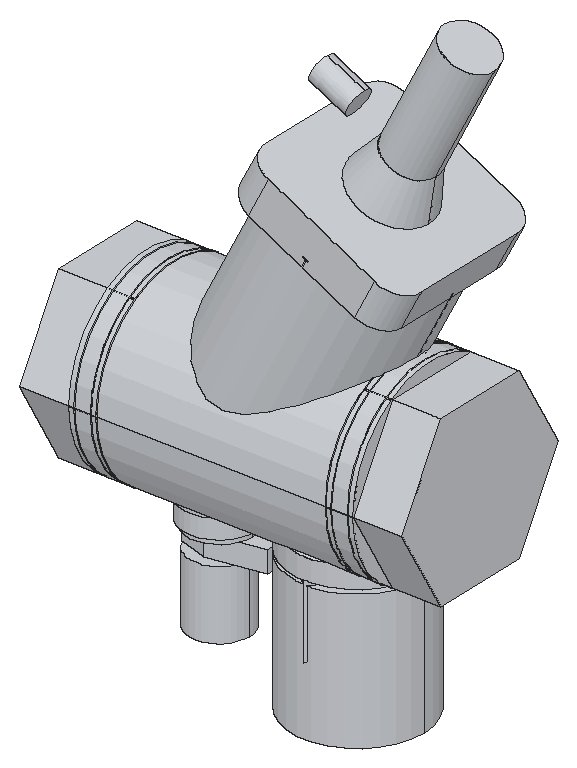
Revit family "PV_Compact_DN050_ 20-80_FF_měř-vyp_RFA_2019", category Pipe Accessories, Revit 2019
Family settings
  Round Connector Dimension = Use Diameter
  Part Type = Valve - Breaks Into
  Work Plane-Based = No
  Always vertical = Yes
  Cut with Voids When Loaded = No
  Shared = No
Parameters (values of type "PV Compact DN50 FF s měřením a vypouštěním (20-80kPa)")
  magiProductId = "7572286e99104aaeaae4a504f9a6dd"
  magiProductFamilyId = "88c57951ecb64b5d83dd1d4eb8fc72"
  magiPartTypeId = 304
  isMeasuringValve [instance] = no
  ang2D [instance] = 0.00°
  Z7 = 15 mm
  Z6 = 46.8 mm
  Z5 = 109.2 mm
  Z4 = 93.6 mm
  Z3 = 15.6 mm
  Z2 = 78 mm
  XR3 = 42.5 mm
  XR2 = 37.5 mm
  XR1 = 25.5 mm
  W2D = 15 mm
  VersionID = "2.0/2018.12.13.2/FRESE_PV_COMPACT_PLUG_Q13_001"
  Use Minimum Symbol Size [instance] = no
  URL = "www.hydronic.cz"
  Type Comments = "závitový s vnitřním závitem; s měřicí vsuvkou a vypouštěním; PN25; dpmax=450kPa; -10~+120°C"
  R5 = 5 mm
  R4 = 15 mm
  R3 = 10 mm
  R2 = 35.25 mm
  R1 = 31.5 mm
  QmdConnectorList = "301;D;302;D"
  Productdata [instance] = ""
  PH__ve = -PH  # -26.4 mm
  PH = 26.4 mm
  NL__ve = -NL  # -27.6 mm
  NL = 27.6 mm
  Manufacturer = "Hydronic Systems Prague s.r.o."
  MC Use Limits From Balancing Method = no
  MC Throttling Minimum Value = 0
  MC Throttling Maximum Value = 0
  MC Product Code = "53-3250 DN50; FF; nastavitelný rozsah dp=20~80kPa; Q=5000~11500l/h;  kvs=16,2"
  MC Pressure Drop Minimum Value = 0.0 Pa
  MC Pressure Drop Maximum Value = 0.0 Pa
  MC Piping Given Pressure Drop [instance] = 0.0 Pa
  M5 = 51.4 mm
  M4 = 49.4 mm
  M3 = 43.4 mm
  M2 = 41.4 mm
  LP = 69 mm
  LM = 82.8 mm
  LL__ve = -LL  # -7.7 mm
  LLT__ve = -LLT  # -28.9 mm
  LLT = 28.9 mm
  LL2 = 52 mm
  LL = 7.7 mm
  L3 = 25 mm
  L2D_Min = 30.48 mm
  L2D = 65 mm
  Description = "Nastavitelný regulátor tlakové diference"
  DR1 = yes
  DR0 = no
  DL2 = 86 mm
  D = 50 mm
  CenSd_R2_6 = R2 * cos(30.00°)  # 30.527 mm
  CAT0 = yes
  C0D1 = yes
  C0D0 = no
Types (10, lengths in mm): name | magiProductId | Z6 | Z5 | Z4 | Z3 | Z2 | XR3 | XR2 | XR1 | R2 | R1 | PH__ve | PH | NL__ve | NL | MC Product Code | M5 | M4 | M3 | M2 | LP | LM | LL__ve | LLT__ve | LLT | LL2 | LL | L3 | DL2 | D | CenSd_R2_6
  PV Compact DN15 FF s měřením a vypouštěním (20-60kPa) | "ebd4dd38c61a47e78db1b31e427098" | 24.6 | 57.4 | 49.2 | 8.2 | 41 | 30 | 25 | 13 | 14 | 19 | -22.4 | 22.4 | -15 | 15 | "53-3243 DN15; FF; nastavitelný rozsah dp=20~60kPa; Q=100~1000l/h;  kvs=2,9" | 32.5 | 30.5 | 24.5 | 22.5 | 37.5 | 45 | -5.7 | -14.9 | 14.9 | 32 | 5.7 | 11 | 66 | 15 | 12.124
  PV Compact DN15 FF s měřením a vypouštěním ( 5-30kPa) | "1e13aaf8f1b54965adca1ab26bd771" | 24.6 | 57.4 | 49.2 | 8.2 | 41 | 30 | 25 | 13 | 14 | 19 | -22.4 | 22.4 | -15 | 15 | "53-3242 DN15; FF; nastavitelný rozsah dp=5~30kPa; Q=50~600l/h;  kvs=2,9" | 32.5 | 30.5 | 24.5 | 22.5 | 37.5 | 45 | -5.7 | -14.9 | 14.9 | 32 | 5.7 | 11 | 66 | 15 | 12.124
  PV Compact DN20 FF s měřením a vypouštěním (20-60kPa) | "6d4e29c475624129ae1d8630218e83" | 24.6 | 57.4 | 49.2 | 8.2 | 41 | 30 | 25 | 13 | 14 | 19 | -22.4 | 22.4 | -15.8 | 15.8 | "53-3245 DN20; FF; nastavitelný rozsah dp=20~60kPa; Q=150~2000l/h;  kvs=3,5" | 33.7 | 31.7 | 25.7 | 23.7 | 39.5 | 47.4 | -5.7 | -14.9 | 14.9 | 32 | 5.7 | 11 | 66 | 20 | 12.124
  PV Compact DN20 FF s měřením a vypouštěním ( 5-30kPa) | "3c7d936801344d2a9486b3d5f20c15" | 24.6 | 57.4 | 49.2 | 8.2 | 41 | 30 | 25 | 13 | 14 | 19 | -22.4 | 22.4 | -15.8 | 15.8 | "53-3244 DN20; FF; nastavitelný rozsah dp=5~30kPa; Q=100~1000l/h;  kvs=3,5" | 33.7 | 31.7 | 25.7 | 23.7 | 39.5 | 47.4 | -5.7 | -14.9 | 14.9 | 32 | 5.7 | 11 | 66 | 20 | 12.124
  PV Compact DN25 FF s měřením a vypouštěním ( 5-30kPa) | "40b783a088714ff8af367f7ba18a04" | 25.5 | 59.5 | 51 | 8.5 | 42.5 | 30 | 25 | 13 | 14 | 19 | -22.8 | 22.8 | -16.6 | 16.6 | "53-3251 DN25; FF; nastavitelný rozsah dp=5~30kPa; Q=600~2100l/h;  kvs=4,0" | 34.9 | 32.9 | 26.9 | 24.9 | 41.5 | 49.8 | -5.9 | -16.3 | 16.3 | 34 | 5.9 | 11 | 68 | 25 | 12.124
  PV Compact DN25L FF s měřením a vypouštěním (20-80kPa) | "7052257d0cc94620b8f60c4ac85ccd" | 40.2 | 93.8 | 80.4 | 13.4 | 67 | 42.5 | 37.5 | 25.5 | 26.5 | 31.5 | -23.6 | 23.6 | -20 | 20 | "53-3247 DN25; FF; nastavitelný rozsah dp=20~80kPa; Q=750~4200l/h;  kvs=8,7" | 40 | 38 | 32 | 30 | 50 | 60 | -6.3 | -19.1 | 19.1 | 38 | 6.3 | 11 | 72 | 25 | 22.95
  PV Compact DN25L FF s měřením a vypouštěním ( 5-30kPa) | "006ff7ff77e34fd39e52f3f4c37192" | 40.2 | 93.8 | 80.4 | 13.4 | 67 | 42.5 | 37.5 | 25.5 | 26.5 | 31.5 | -23.6 | 23.6 | -20 | 20 | "53-3246 DN25L; FF; nastavitelný rozsah dp=5~30kPa; Q=600~2500l/h;  kvs=8,7" | 40 | 38 | 32 | 30 | 50 | 60 | -6.3 | -19.1 | 19.1 | 38 | 6.3 | 11 | 72 | 25 | 22.95
  PV Compact DN32 FF s měřením a vypouštěním (20-80kPa) | "e53839f5e58040c69ad69dcf8b7122" | 40.2 | 93.8 | 80.4 | 13.4 | 67 | 42.5 | 37.5 | 25.5 | 26.5 | 31.5 | -24.6 | 24.6 | -20.8 | 20.8 | "53-3248 DN32; FF; nastavitelný rozsah dp=20~80kPa; Q=1000~5000l/h;  kvs=10,1" | 41.2 | 39.2 | 33.2 | 31.2 | 52 | 62.4 | -6.8 | -22.6 | 22.6 | 43 | 6.8 | 25 | 77 | 32 | 22.95
  PV Compact DN40 FF s měřením a vypouštěním (20-80kPa) | "edae53f0ee9843aa9c005a0dbc2db4" | 46.8 | 109.2 | 93.6 | 15.6 | 78 | 42.5 | 37.5 | 25.5 | 26.5 | 31.5 | -25.2 | 25.2 | -27.6 | 27.6 | "53-3249 DN40; FF; nastavitelný rozsah dp=20~80kPa; Q=3000~8000l/h;  kvs=15,8" | 51.4 | 49.4 | 43.4 | 41.4 | 69 | 82.8 | -7.1 | -24.7 | 24.7 | 46 | 7.1 | 25 | 80 | 40 | 22.95
  PV Compact DN50 FF s měřením a vypouštěním (20-80kPa) | "7572286e99104aaeaae4a504f9a6dd" | 46.8 | 109.2 | 93.6 | 15.6 | 78 | 42.5 | 37.5 | 25.5 | 35.25 | 31.5 | -26.4 | 26.4 | -27.6 | 27.6 | "53-3250 DN50; FF; nastavitelný rozsah dp=20~80kPa; Q=5000~11500l/h;  kvs=16,2" | 51.4 | 49.4 | 43.4 | 41.4 | 69 | 82.8 | -7.7 | -28.9 | 28.9 | 52 | 7.7 | 25 | 86 | 50 | 30.527
Reference planes
  plane 1 "Center (Front/Back)": y = 0
  plane 2 "XYPLANE": z = 0
  plane 3 "Center (Left/Right)": x = 0
  plane 4 "408": x = 69
  plane 5 "407": x = -69
  plane 6 "402": z = -86
  plane 7 "213": x = 25
  plane 8 "168": z = -24.9
  plane 9 "167": z = -26.9
  plane 10 "166": z = -34.6
  plane 11 "165": z = -42.3
  plane 12 "164": z = -44.3
  plane 13 "154": z = 0
  plane 14 "152": y = 0
  plane 15 "151": z = -52
  plane 16 "150": x = -25
  plane 17 "75": through (307.08, 0, 685.28) normal (0.891, 0, -0.454)
  plane 18 "74": x = 51.4
  plane 19 "73": x = 49.4
  plane 20 "72": x = 43.4
  plane 21 "71": x = 41.4
  plane 22 "70": x = -51.4
  plane 23 "69": x = -49.4
  plane 24 "68": x = -43.4
  plane 25 "67": y = 0
  plane 26 "66": through (-666.893, 0, 343.166) normal (0.454, 0, 0.891)
  plane 27 "65": x = -41.4
  plane 28 "64": through (335.147, 0, 670.979) normal (0.891, 0, -0.454)
  plane 29 "63": through (-632.844, 0, 409.991) normal (0.454, 0, 0.891)
  plane 30 "62": through (363.214, 0, 656.678) normal (0.891, 0, -0.454)
  plane 31 "61": y = 31.5
  plane 32 "60": y = -31.5
  plane 33 "59": through (-625.761, 0, 423.891) normal (0.454, 0, 0.891)
  plane 34 "58": through (-618.679, 0, 437.791) normal (0.454, 0, 0.891)
  plane 35 "57": through (302.625, 0, 687.549) normal (0.891, 0, -0.454)
  plane 36 "56": x = 0
  plane 37 "55": through (-668.255, 0, 340.493) normal (0.454, 0, 0.891)
  plane 38 "102XY": through (-668.255, 0, 340.493) normal (0.454, 0, 0.891)
  plane 39 "102XZ": y = 0
  plane 40 "102YZ": through (340.493, 0, 668.255) normal (0.891, 0, -0.454)
Forms (mm)
  Extrusion 1, solid
    sketch origin (69, -750, 0) x (0, 1, 0) y (0, 0, 1)
      loop
        line (785.25, 0) -> (767.625, 30.527) -> (732.375, 30.527) -> (714.75, 0) -> (732.375, -30.527) -> (767.625, -30.527) -> (785.25, 0)
    from 0 to -27.6 <- "NL__ve"
  Extrusion 2, solid
    sketch origin (-69, -750, 0) x (0, 1, 0) y (0, 0, 1)
      loop
        line (714.75, 0) -> (732.375, -30.527) -> (767.625, -30.527) -> (785.25, 0) -> (767.625, 30.527) -> (732.375, 30.527) -> (714.75, 0)
    from 0 to 27.6 <- "NL"
  Extrusion 3, solid, visible <- "C0D1"
    sketch origin (-750, 0, -86) x (1, 0, 0) y (0, 1, 0)
      loop
        circle (775, 0) r 24
    from 0 to 50
  Extrusion 4, solid, visible <- "DR1"
    sketch origin (-750, 0, -34.6) x (1, 0, 0) y (0, 1, 0)
      loop
        line (775, -24.5) -> (790.292, -6) -> (790.292, 6) -> (775, 24.5) -> (750.608, 6) -> (750.608, -6) -> (775, -24.5)
    from 0 to -26.4 <- "PH__ve"
  Extrusion 5, solid, visible <- "DR1"
    sketch origin (-750, 0, -34.6) x (1, 0, 0) y (0, 1, 0)
      loop
        circle (775, 0) r 24
    from 0 to 7.7 <- "LL"
  Blend 6, solid, visible <- "DR1"
    base sketch origin (-750, 0, -24.9) x (1, 0, 0) y (0, 1, 0)
      loop
        circle (775, 0) r 21.5
    top sketch origin (-750, 0, -24.9) x (1, 0, 0) y (0, 1, 0)
      loop
        circle (775, 0) r 24
    from 0 to -2
  Extrusion 7, solid, visible <- "DR1"
    sketch origin (-750, 0, 0) x (1, 0, 0) y (0, 1, 0)
      loop
        circle (775, 0) r 21.5
    from 0 to -28.9 <- "LLT__ve"
  Extrusion 8, solid, visible <- "C0D0"
    sketch origin (-750, 0, -52) x (1, 0, 0) y (0, 1, 0)
      loop
        circle (775, 0) r 20
    from 0 to -25
  Extrusion 9, solid, visible <- "DR0"
    sketch origin (-750, 0, -44.3) x (1, 0, 0) y (0, 1, 0)
      loop
        line (775, -7) -> (785.962, -3.5) -> (785.962, 3.5) -> (775, 7) -> (754.938, 3.5) -> (754.938, -3.5) -> (775, -7)
    from 0 to -7.7 <- "LL__ve"
  Extrusion 10, solid, visible <- "DR0"
    sketch origin (-750, 0, -44.3) x (1, 0, 0) y (0, 1, 0)
      loop
        circle (775, 0) r 21
    from 0 to 2
  Extrusion 11, solid, visible <- "DR0"
    sketch origin (-750, 0, -34.6) x (1, 0, 0) y (0, 1, 0)
      loop
        circle (775, 0) r 23
    from 0 to 7.7 <- "LL"
  Blend 12, solid, visible <- "DR0"
    base sketch origin (-750, 0, -24.9) x (1, 0, 0) y (0, 1, 0)
      loop
        circle (775, 0) r 20.5
    top sketch origin (-750, 0, -24.9) x (1, 0, 0) y (0, 1, 0)
      loop
        circle (775, 0) r 23
    from 0 to -2
  Extrusion 13, solid, visible <- "DR0"
    sketch origin (-750, 0, 0) x (1, 0, 0) y (0, 1, 0)
      loop
        circle (775, 0) r 20.5
    from 0 to -28.9 <- "LLT__ve"
  Extrusion 14, solid, visible <- "DR0"
    sketch origin (-750, 0, 0) x (1, 0, 0) y (0, 1, 0)
      loop
        circle (775, 0) r 20.5
    from 0 to -28.9 <- "LLT__ve"
  Blend 15, solid, visible <- "DR0"
    base sketch origin (-750, 0, -24.9) x (1, 0, 0) y (0, 1, 0)
      loop
        circle (775, 0) r 20.5
    top sketch origin (-750, 0, -24.9) x (1, 0, 0) y (0, 1, 0)
      loop
        circle (775, 0) r 23
    from 0 to -2
  Extrusion 16, solid, visible <- "DR0"
    sketch origin (-750, 0, -34.6) x (1, 0, 0) y (0, 1, 0)
      loop
        circle (775, 0) r 23
    from 0 to 7.7 <- "LL"
  Extrusion 17, solid, visible <- "DR0"
    sketch origin (-750, 0, -42.3) x (1, 0, 0) y (0, 1, 0)
      loop
        circle (775, 0) r 22
    from 0 to 7.7 <- "LL"
  Extrusion 18, solid, visible <- "DR0"
    sketch origin (-750, 0, -44.3) x (1, 0, 0) y (0, 1, 0)
      loop
        circle (775, 0) r 21
    from 0 to 2
  Extrusion 19, solid, visible <- "DR0"
    sketch origin (-750, 0, -44.3) x (1, 0, 0) y (0, 1, 0)
      loop
        line (775, -7) -> (785.962, -3.5) -> (785.962, 3.5) -> (775, 7) -> (754.938, 3.5) -> (754.938, -3.5) -> (775, -7)
    from 0 to -7.7 <- "LL__ve"
  Extrusion 20, solid, visible <- "C0D0"
    sketch origin (-750, 0, -52) x (1, 0, 0) y (0, 1, 0)
      loop
        circle (775, 0) r 20
    from 0 to -25
  Extrusion 21, solid, visible <- "CAT0"
    sketch origin (-750, 0, -52) x (1, 0, 0) y (0, 1, 0)
      loop
        circle (725, 0) r 10.9
    from 0 to -25
  Extrusion 22, solid
    sketch origin (-750, 0, -44.3) x (1, 0, 0) y (0, 1, 0)
      loop
        line (725, -7) -> (745.062, -3.5) -> (745.062, 3.5) -> (725, 7) -> (714.038, 3.5) -> (714.038, -3.5) -> (725, -7)
    from 0 to -7.7 <- "LL__ve"
  Extrusion 23, solid
    sketch origin (-750, 0, -44.3) x (1, 0, 0) y (0, 1, 0)
      loop
        circle (725, 0) r 11.9
    from 0 to 2
  Extrusion 24, solid
    sketch origin (-750, 0, -42.3) x (1, 0, 0) y (0, 1, 0)
      loop
        circle (725, 0) r 12.9
    from 0 to 7.7 <- "LL"
  Extrusion 25, solid
    sketch origin (-750, 0, -34.6) x (1, 0, 0) y (0, 1, 0)
      loop
        circle (725, 0) r 13.9
    from 0 to 7.7 <- "LL"
  Blend 26, solid
    base sketch origin (-750, 0, -24.9) x (1, 0, 0) y (0, 1, 0)
      loop
        circle (725, 0) r 11.4
    top sketch origin (-750, 0, -24.9) x (1, 0, 0) y (0, 1, 0)
      loop
        circle (725, 0) r 13.9
    from 0 to -2
  Extrusion 27, solid
    sketch origin (-750, 0, 0) x (1, 0, 0) y (0, 1, 0)
      loop
        circle (725, 0) r 11.4
    from 0 to -28.9 <- "LLT__ve"
  Blend 28, solid, visible <- "CAT0"
    base sketch origin (49.4, -750, 0) x (0, 1, 0) y (0, 0, 1)
      loop
        circle (750, 0) r 35.25
    top sketch origin (49.4, -750, 0) x (0, 1, 0) y (0, 0, 1)
      loop
        circle (750, 0) r 35.25
    from 0 to 2
  Extrusion 29, solid, visible <- "CAT0"
    sketch origin (43.4, -750, 0) x (0, 1, 0) y (0, 0, 1)
      loop
        circle (750, 0) r 35.25
    from 0 to 6
  Blend 30, solid, visible <- "CAT0"
    base sketch origin (41.4, -750, 0) x (0, 1, 0) y (0, 0, 1)
      loop
        circle (750, 0) r 35.25
    top sketch origin (41.4, -750, 0) x (0, 1, 0) y (0, 0, 1)
      loop
        circle (750, 0) r 35.25
    from 0 to 2
  Blend 31, solid, visible <- "CAT0"
    base sketch origin (-49.4, -750, 0) x (0, 1, 0) y (0, 0, 1)
      loop
        circle (750, 0) r 35.25
    top sketch origin (-49.4, -750, 0) x (0, 1, 0) y (0, 0, 1)
      loop
        circle (750, 0) r 35.25
    from 0 to -2
  Extrusion 32, solid, visible <- "CAT0"
    sketch origin (-49.4, -750, 0) x (0, 1, 0) y (0, 0, 1)
      loop
        circle (750, 0) r 35.25
    from 0 to 6
  Blend 33, solid, visible <- "CAT0"
    base sketch origin (-43.4, -750, 0) x (0, 1, 0) y (0, 0, 1)
      loop
        circle (750, 0) r 35.25
    top sketch origin (-43.4, -750, 0) x (0, 1, 0) y (0, 0, 1)
      loop
        circle (750, 0) r 35.25
    from 0 to 2
  Extrusion 34, solid, visible <- "CAT0"
    sketch origin (-41.4, -750, 0) x (0, 1, 0) y (0, 0, 1)
      loop
        circle (750, 0) r 35.25
    from 0 to 82.8 <- "LM"
  Extrusion 35, solid, visible <- "CAT0"
    sketch origin (-666.893, 0, 343.166) x (0.891007, 0, -0.45399) y (0, 1, 0)
      loop
        circle (744, 0) r 31.5
    from 0 to 78 <- "Z2"
  Extrusion 36, solid, visible <- "CAT0"
    sketch origin (-632.844, 0, 409.991) x (0.891007, 0, -0.45399) y (0, 1, 0)
      loop
        arc (722.5, 31.5) -> (715.429, 28.571) -> (712.5, 21.5) r 10
        line (712.5, 21.5) -> (712.5, -21.5)
        arc (712.5, -21.5) -> (715.429, -28.571) -> (722.5, -31.5) r 10
        line (722.5, -31.5) -> (765.5, -31.5)
        arc (765.5, -31.5) -> (772.571, -28.571) -> (775.5, -21.5) r 10
        line (775.5, -21.5) -> (775.5, 21.5)
        arc (775.5, 21.5) -> (772.571, 28.571) -> (765.5, 31.5) r 10
        line (765.5, 31.5) -> (722.5, 31.5)
    from 0 to 15.6 <- "Z3"
  Blend 37, solid, visible <- "CAT0"
    base sketch origin (-625.761, 0, 423.891) x (0.891007, 0, -0.45399) y (0, 1, 0)
      loop
        circle (744, 0) r 15
    top sketch origin (-625.761, 0, 423.891) x (0.891007, 0, -0.45399) y (0, 1, 0)
      loop
        circle (744, 0) r 10
    from 0 to 15.6
  Extrusion 38, solid, visible <- "CAT0"
    sketch origin (-618.679, 0, 437.791) x (0.891007, 0, -0.45399) y (0, 1, 0)
      loop
        circle (744, 0) r 10
    from 0 to 46.8 <- "Z6"
  Extrusion 39, solid, visible <- "CAT0"
    sketch origin (302.625, 0, 687.549) x (-0.45399, 0, -0.891007) y (0, 1, 0)
      loop
        circle (640.8, 0) r 5
    from 0 to 15 <- "Z7"
  Blend 40, solid, visible <- "CAT0"
    base sketch origin (-668.255, 0, 340.493) x (0.891007, 0, -0.45399) y (0, 1, 0)
      loop
        circle (744, 0) r 27.5
    top sketch origin (-668.255, 0, 340.493) x (0.891007, 0, -0.45399) y (0, 1, 0)
      loop
        circle (744, 0) r 31.5
    from 0 to 3
  Extrusion 41, solid, not visible
    sketch origin (-51.4, -750, 0) x (0, 1, 0) y (0, 0, 1)
      loop
        circle (750, 0) r 22.5
    from 0 to 10
  Extrusion 42, solid, not visible
    sketch origin (51.4, -750, 0) x (0, 1, 0) y (0, 0, 1)
      loop
        circle (750, 0) r 22.5
    from 0 to -10
Lines and regions (mm)
  reference lines, not visible
    curve 1: circle (2, 2, 0) r 1 normal (0, 0, 1)
  reference lines
    curve 2: line (69, 0, 0) -> (69, -3.5, 6.062)
    curve 3: line (69, 0, 0) -> (69, -7, 0)
    curve 4: line (69, 0, 0) -> (69, -3.5, -6.062)
    curve 5: line (-69, 0, 0) -> (-69, 3.5, 6.062)
    curve 6: line (-69, 0, 0) -> (-69, 7, 0)
    curve 7: line (-69, 0, 0) -> (-69, 3.5, -6.062)
Dimensions and locks
  plane 1 "Center (Front/Back)" to curve 1 = 2 mm
  "LP": plane 36 "56" to plane 4 "408"
  "LP": plane 36 "56" to plane 5 "407"
  "DL2": plane 2 "XYPLANE" to plane 6 "402"
  "L3": plane 3 "Center (Left/Right)" to plane 7 "213"
  locked: plane 9 "167" to plane 8 "168" at 2
  "LL": plane 10 "166" to plane 9 "167"
  "LL": plane 11 "165" to plane 10 "166"
  locked: plane 12 "164" to plane 11 "165" at 2
  "LL": plane 15 "151" to plane 12 "164"
  locked: plane 2 "XYPLANE" to plane 13 "154"
  locked: plane 1 "Center (Front/Back)" to plane 14 "152"
  "LL2": plane 2 "XYPLANE" to plane 15 "151"
  "L3": plane 3 "Center (Left/Right)" to plane 16 "150"
  "XR2": plane 40 "102YZ" to plane 17 "75"
  "M5": plane 3 "Center (Left/Right)" to plane 18 "74"
  "M4": plane 3 "Center (Left/Right)" to plane 19 "73"
  "M3": plane 3 "Center (Left/Right)" to plane 20 "72"
  "M2": plane 3 "Center (Left/Right)" to plane 21 "71"
  "M5": plane 3 "Center (Left/Right)" to plane 22 "70"
  "M4": plane 3 "Center (Left/Right)" to plane 23 "69"
  "M3": plane 3 "Center (Left/Right)" to plane 24 "68"
  locked: plane 14 "152" to plane 25 "67"
  locked: plane 38 "102XY" to plane 26 "66" at 3
  "M2": plane 3 "Center (Left/Right)" to plane 27 "65"
  locked: plane 40 "102YZ" to plane 28 "64" at 6
  "Z2": plane 38 "102XY" to plane 29 "63"
  "XR1": plane 40 "102YZ" to plane 30 "62"
  "R1": plane 14 "152" to plane 31 "61"
  "R1": plane 14 "152" to plane 32 "60"
  "Z4": plane 38 "102XY" to plane 33 "59"
  "Z5": plane 38 "102XY" to plane 34 "58"
  "XR3": plane 40 "102YZ" to plane 35 "57"
  locked: plane 3 "Center (Left/Right)" to plane 36 "56"
  locked: plane 38 "102XY" to plane 37 "55"
  "CenSd_R2_6": curve 2 to Extrusion 1 sketch curve  (x2)
  "CenSd_R2_6": curve 3 to Extrusion 1 sketch curve  (x2)
  "CenSd_R2_6": curve 4 to Extrusion 1 sketch curve  (x2)
  Extrusion 1 sketch curve to Extrusion 1 sketch curve = 0 mm  (x12)
  "CenSd_R2_6": curve 5 to Extrusion 2 sketch curve  (x2)
  "CenSd_R2_6": curve 6 to Extrusion 2 sketch curve  (x2)
  "CenSd_R2_6": curve 7 to Extrusion 2 sketch curve  (x2)
  Extrusion 2 sketch curve to Extrusion 2 sketch curve = 0 mm  (x12)
  Extrusion 4 sketch curve to Extrusion 4 sketch curve = 0 mm  (x12)
  Extrusion 9 sketch curve to Extrusion 9 sketch curve = 0 mm  (x12)
  Extrusion 19 sketch curve to Extrusion 19 sketch curve = 0 mm  (x12)
  Extrusion 22 sketch curve to Extrusion 22 sketch curve = 0 mm  (x12)
  Extrusion 36 sketch curve to Extrusion 36 sketch curve = 0 mm  (x16)
  "R2": radius of Blend 28 sketch curve  (x2)
  "R2": radius of Extrusion 29 sketch curve
  "R2": radius of Blend 30 sketch curve  (x2)
  "R2": radius of Blend 31 sketch curve  (x2)
  "R2": radius of Extrusion 32 sketch curve
  "R2": radius of Blend 33 sketch curve  (x2)
  "R2": radius of Extrusion 34 sketch curve
  "R1": radius of Extrusion 35 sketch curve
  radius of Extrusion 36 sketch curve = 10 mm  (x4)
  "R3": radius of Blend 37 sketch curve
  "R4": radius of Blend 37 sketch curve
  "R3": radius of Extrusion 38 sketch curve
  "R5": radius of Extrusion 39 sketch curve
  "R1": radius of Blend 40 sketch curve
  locked: curve 3 to curve 2 (angle 60.00°)
  locked: curve 4 to curve 3 (angle 60.00°)
  locked: curve 4 to curve 2 (angle 120.00°)
  locked: curve 6 to curve 5 (angle 60.00°)
  locked: curve 7 to curve 6 (angle 60.00°)
  locked: curve 7 to curve 5 (angle 120.00°)
  aligned and locked: level to plane 2 "XYPLANE"
  aligned and locked: plane 13 "154" to curve 4
  aligned and locked: curve 4 to plane 14 "152"
  aligned and locked: plane 13 "154" to curve 7
  aligned and locked: curve 7 to plane 14 "152"
  aligned and locked: plane 7 "213" to Extrusion 3 sketch curve
  aligned and locked: plane 14 "152" to Extrusion 3 sketch curve
  aligned and locked: plane 7 "213" to Extrusion 5 sketch curve
  aligned and locked: plane 14 "152" to Extrusion 5 sketch curve
  aligned and locked: plane 7 "213" to Blend 6 sketch curve  (x2)
  aligned and locked: plane 14 "152" to Blend 6 sketch curve  (x2)
  aligned and locked: Blend 6 to plane 9 "167"
  aligned and locked: plane 7 "213" to Extrusion 7 sketch curve
  aligned and locked: plane 14 "152" to Extrusion 7 sketch curve
  aligned and locked: plane 7 "213" to Extrusion 8 sketch curve
  aligned and locked: plane 14 "152" to Extrusion 8 sketch curve
  aligned and locked: plane 7 "213" to Extrusion 10 sketch curve
  aligned and locked: plane 14 "152" to Extrusion 10 sketch curve
  aligned and locked: plane 7 "213" to Extrusion 11 sketch curve
  aligned and locked: plane 14 "152" to Extrusion 11 sketch curve
  aligned and locked: plane 7 "213" to Blend 12 sketch curve  (x2)
  aligned and locked: plane 14 "152" to Blend 12 sketch curve  (x2)
  aligned and locked: Blend 12 to plane 9 "167"
  aligned and locked: plane 7 "213" to Extrusion 13 sketch curve
  aligned and locked: plane 14 "152" to Extrusion 13 sketch curve
  aligned and locked: plane 7 "213" to Extrusion 14 sketch curve
  aligned and locked: plane 14 "152" to Extrusion 14 sketch curve
  aligned and locked: plane 7 "213" to Blend 15 sketch curve  (x2)
  aligned and locked: plane 14 "152" to Blend 15 sketch curve  (x2)
  aligned and locked: Blend 15 to plane 9 "167"
  aligned and locked: plane 7 "213" to Extrusion 16 sketch curve
  aligned and locked: plane 14 "152" to Extrusion 16 sketch curve
  aligned and locked: plane 7 "213" to Extrusion 17 sketch curve
  aligned and locked: plane 14 "152" to Extrusion 17 sketch curve
  aligned and locked: plane 7 "213" to Extrusion 18 sketch curve
  aligned and locked: plane 14 "152" to Extrusion 18 sketch curve
  aligned and locked: plane 7 "213" to Extrusion 20 sketch curve
  aligned and locked: plane 14 "152" to Extrusion 20 sketch curve
  aligned and locked: plane 14 "152" to Extrusion 21 sketch curve
  aligned and locked: plane 16 "150" to Extrusion 21 sketch curve
  aligned and locked: plane 14 "152" to Extrusion 23 sketch curve
  aligned and locked: plane 16 "150" to Extrusion 23 sketch curve
  aligned and locked: plane 14 "152" to Extrusion 24 sketch curve
  aligned and locked: plane 16 "150" to Extrusion 24 sketch curve
  aligned and locked: plane 14 "152" to Extrusion 25 sketch curve
  aligned and locked: plane 16 "150" to Extrusion 25 sketch curve
  aligned and locked: plane 14 "152" to Blend 26 sketch curve  (x2)
  aligned and locked: plane 16 "150" to Blend 26 sketch curve  (x2)
  aligned and locked: Blend 26 to plane 9 "167"
  aligned and locked: plane 14 "152" to Extrusion 27 sketch curve
  aligned and locked: plane 16 "150" to Extrusion 27 sketch curve
  aligned and locked: plane 13 "154" to Blend 28 sketch curve  (x2)
  aligned and locked: Blend 28 sketch curve to plane 14 "152"  (x2)
  aligned and locked: plane 18 "74" to Blend 28
  aligned and locked: plane 13 "154" to Extrusion 29 sketch curve
  aligned and locked: Extrusion 29 sketch curve to plane 14 "152"
  aligned and locked: plane 13 "154" to Blend 30 sketch curve  (x2)
  aligned and locked: Blend 30 sketch curve to plane 14 "152"  (x2)
  aligned and locked: plane 20 "72" to Blend 30
  aligned and locked: plane 13 "154" to Blend 31 sketch curve  (x2)
  aligned and locked: Blend 31 sketch curve to plane 14 "152"  (x2)
  aligned and locked: Blend 31 to plane 22 "70"
  aligned and locked: plane 13 "154" to Extrusion 32 sketch curve
  aligned and locked: Extrusion 32 sketch curve to plane 14 "152"
  aligned and locked: plane 13 "154" to Blend 33 sketch curve  (x2)
  aligned and locked: Blend 33 sketch curve to plane 14 "152"  (x2)
  aligned and locked: plane 27 "65" to Blend 33
  aligned and locked: plane 13 "154" to Extrusion 34 sketch curve
  aligned and locked: Extrusion 34 sketch curve to plane 14 "152"
  aligned and locked: plane 25 "67" to Extrusion 35 sketch curve
  aligned and locked: Extrusion 35 sketch curve to plane 28 "64"
  aligned and locked: Extrusion 36 sketch curve to plane 17 "75"
  aligned and locked: Extrusion 36 sketch curve to plane 32 "60"
  aligned and locked: Extrusion 36 sketch curve to plane 30 "62"
  aligned and locked: plane 31 "61" to Extrusion 36 sketch curve
  aligned and locked: plane 25 "67" to Blend 37 sketch curve  (x2)
  aligned and locked: Blend 37 sketch curve to plane 28 "64"  (x2)
  aligned and locked: plane 34 "58" to Blend 37
  aligned and locked: plane 25 "67" to Extrusion 38 sketch curve
  aligned and locked: Extrusion 38 sketch curve to plane 28 "64"
  aligned and locked: plane 25 "67" to Extrusion 39 sketch curve
  aligned and locked: plane 34 "58" to Extrusion 39 sketch curve
  aligned and locked: plane 25 "67" to Blend 40 sketch curve  (x2)
  aligned and locked: Blend 40 sketch curve to plane 28 "64"  (x2)
  aligned and locked: plane 26 "66" to Blend 40
  aligned and locked: plane 13 "154" to Extrusion 41 sketch curve
  aligned and locked: Extrusion 41 sketch curve to plane 14 "152"
  aligned and locked: plane 13 "154" to Extrusion 42 sketch curve
  aligned and locked: Extrusion 42 sketch curve to plane 14 "152"
Automatic sketch dimensions
  plane 3 "Center (Left/Right)" to Extrusion 3 sketch curve = 1 mm
  Extrusion 4 sketch curve to plane 7 "213" = 0 mm  (x2)
  plane 3 "Center (Left/Right)" to Extrusion 4 sketch curve = 0.608 mm
  Extrusion 4 sketch curve to plane 21 "71" = 1.108 mm
  plane 32 "60" to Extrusion 4 sketch curve = 7 mm
  plane 1 "Center (Front/Back)" to Extrusion 4 sketch curve = 6 mm  (x2)
  Extrusion 4 sketch curve to plane 1 "Center (Front/Back)" = 6 mm  (x2)
  Extrusion 4 sketch curve to plane 31 "61" = 7 mm
  plane 3 "Center (Left/Right)" to Extrusion 5 sketch curve = 1 mm
  plane 3 "Center (Left/Right)" to Blend 6 sketch curve = 3.5 mm
  plane 3 "Center (Left/Right)" to Blend 6 sketch curve = 1 mm
  plane 3 "Center (Left/Right)" to Extrusion 7 sketch curve = 3.5 mm
  plane 3 "Center (Left/Right)" to Extrusion 8 sketch curve = 5 mm
  Extrusion 9 sketch curve to plane 7 "213" = 0 mm  (x2)
  plane 3 "Center (Left/Right)" to Extrusion 9 sketch curve = 4.938 mm
  Extrusion 9 sketch curve to plane 21 "71" = 5.438 mm
  plane 1 "Center (Front/Back)" to Extrusion 9 sketch curve = 7 mm
  plane 1 "Center (Front/Back)" to Extrusion 9 sketch curve = 3.5 mm  (x2)
  Extrusion 9 sketch curve to plane 1 "Center (Front/Back)" = 3.5 mm  (x2)
  Extrusion 9 sketch curve to Extrusion 9 sketch curve = 3.5 mm
  plane 3 "Center (Left/Right)" to Extrusion 10 sketch curve = 4 mm
  plane 3 "Center (Left/Right)" to Extrusion 11 sketch curve = 2 mm
  plane 3 "Center (Left/Right)" to Blend 12 sketch curve = 4.5 mm
  plane 3 "Center (Left/Right)" to Blend 12 sketch curve = 2 mm
  plane 3 "Center (Left/Right)" to Extrusion 13 sketch curve = 4.5 mm
  plane 3 "Center (Left/Right)" to Extrusion 14 sketch curve = 4.5 mm
  plane 3 "Center (Left/Right)" to Blend 15 sketch curve = 4.5 mm
  plane 3 "Center (Left/Right)" to Blend 15 sketch curve = 2 mm
  plane 3 "Center (Left/Right)" to Extrusion 16 sketch curve = 2 mm
  plane 3 "Center (Left/Right)" to Extrusion 17 sketch curve = 3 mm
  plane 3 "Center (Left/Right)" to Extrusion 18 sketch curve = 4 mm
  Extrusion 19 sketch curve to plane 7 "213" = 0 mm  (x2)
  plane 3 "Center (Left/Right)" to Extrusion 19 sketch curve = 4.938 mm
  Extrusion 19 sketch curve to plane 21 "71" = 5.438 mm
  plane 1 "Center (Front/Back)" to Extrusion 19 sketch curve = 7 mm
  plane 1 "Center (Front/Back)" to Extrusion 19 sketch curve = 3.5 mm  (x2)
  Extrusion 19 sketch curve to plane 1 "Center (Front/Back)" = 3.5 mm  (x2)
  Extrusion 19 sketch curve to Extrusion 19 sketch curve = 3.5 mm
  plane 3 "Center (Left/Right)" to Extrusion 20 sketch curve = 5 mm
  plane 27 "65" to Extrusion 21 sketch curve = 5.5 mm
  Extrusion 22 sketch curve to plane 16 "150" = 0 mm  (x2)
  plane 27 "65" to Extrusion 22 sketch curve = 5.438 mm
  Extrusion 22 sketch curve to plane 3 "Center (Left/Right)" = 4.938 mm
  plane 1 "Center (Front/Back)" to Extrusion 22 sketch curve = 7 mm
  plane 1 "Center (Front/Back)" to Extrusion 22 sketch curve = 3.5 mm  (x2)
  Extrusion 22 sketch curve to plane 1 "Center (Front/Back)" = 3.5 mm  (x2)
  Extrusion 22 sketch curve to Extrusion 22 sketch curve = 3.5 mm
  plane 27 "65" to Extrusion 23 sketch curve = 4.5 mm
  plane 27 "65" to Extrusion 24 sketch curve = 3.5 mm
  plane 27 "65" to Extrusion 25 sketch curve = 2.5 mm
  plane 27 "65" to Blend 26 sketch curve = 5 mm
  plane 27 "65" to Blend 26 sketch curve = 2.5 mm
  plane 27 "65" to Extrusion 27 sketch curve = 5 mm
  plane 17 "75" to Blend 40 sketch curve = 4 mm
  plane 32 "60" to Extrusion 41 sketch curve = 9 mm
  plane 32 "60" to Extrusion 42 sketch curve = 9 mm
  plane 3 "Center (Left/Right)" to curve 1 = 2 mm
  radius of curve 1 = 1 mm
Connectors
  piping at (-51.4, 0, 0), diameter 50, driven by "D"
    settings: on Extrusion 41, index 1, connector inside diameter 609.6 mm, connector length 0 mm, flow factor 0, pipe flow 0.0 L/s, pressure drop 0.0 Pa, fitting loss kfactor 0, connector angle 0.00°, fixture units 0, engagement length 0 mm, angle of deflection 0.00°, flow configuration 0, flow direction 0, fitting loss method 0, system type 29, joint type 0, gender type 0, connector reference index 2, connector utility 0, adjustable connector no, is connector primary yes, connector description ""
  piping at (51.4, 0, 0), diameter 50, driven by "D"
    settings: on Extrusion 42, index 2, connector inside diameter 609.6 mm, connector length 0 mm, flow factor 0, pipe flow 0.0 L/s, pressure drop 0.0 Pa, fitting loss kfactor 0, connector angle 0.00°, fixture units 0, engagement length 0 mm, angle of deflection 0.00°, flow configuration 0, flow direction 0, fitting loss method 0, system type 29, joint type 0, gender type 0, connector reference index 1, connector utility 0, adjustable connector no, is connector primary no, connector description ""
